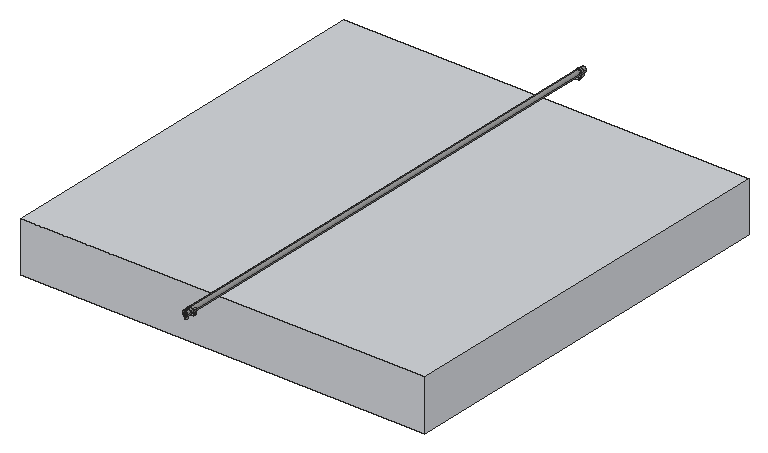
Revit family "L-line A 3.0", category Осветительные приборы, Revit 2017
Family settings
  Основа = Грань
  Размер круглого соединителя = Использовать диаметр
  Тип детали = Нормальный
  При загрузке вырезать с полостями = Нет
  Источник света = Да
  Общий = Нет
  Точка расчета площади = Нет
Parameters (values of type "L-line A 3.0 3.0K Д (матовый)")
  Расстояние от светильника до поверхности = 55.991 mm
  Описание = "Светодиодный светильник L-line A 3,0 предназначен для архитектурной подсветки зданий и сооружений различного назначения. Модули L-line A могут соединяться между собой в непрерывные линии длиной до 12 метров, что позволяет получить равномерную засветку по всей длине подключенных светильников. Соединение модулей осуществляется при помощи герметичных коннекторов."
  Lamp = ""
  Кривая сил света = "Д"
  Комментарии к типоразмеру = "Архитектурные"
  Wattage Comments = ""
  Wattage = 61.7738 W
  built-in parameter 1150110 = 1 (stored number, unit not read)
  built-in parameter 1114217 = 1 (stored number, unit not read)
  Tilt Angle = 90.00°
  built-in parameter 1150109 = 1 (stored number, unit not read)
  built-in parameter 1150134 = (empty or 0)
  built-in parameter 1150113 = 1 (stored number, unit not read)
  Файл фотометрической сетки = "L-line A 3.0-86-D-3.0K-03.ies"
  built-in parameter 1150142 = "IESNA:LM-63-1995\r\n[TEST]LEDEL\r\n[DATA]28.10.2017\r\n[MANUFAC]LEDEL\r\n[LUMCAT]L-line A 3.0/86/Д/3.0K/03\r\n[LUMINAIRE]Предназначен  для  архитектурной и декоративной  подсветки\r\n[LAMPCAT]LED\r\n[LAMP]OSRAM DURIS \r\nTILT=NONE\r\n\r\n\r\n1 9076  3.2803867365377  37 19 1 2 3.0 0.042 0.043\r\n\r\n1 1 86.4\r\n\r\n 0 2.5 5 7.5 10 12.5 15 17.5 20 22.5 25 27.5 30 32.5 35 37.5 40 42.5 45 47.5\r\n 50 52.5 55 57.5 60 62.5 65 67.5 70 72.5 75 77.5 80 82.5 85 87.5 90\r\n\r\n  0 10 20 30 40 50 60 70 80 90 100 110 120 130 140 150\r\n  160 170 180\r\n\r\n  819 818 817 812 806 800 789 778 765 751 734 717 699 679 658\r\n  637 616 591 568 544 521 496 469 446 421 396 372 347 324 300\r\n  277 257 234 216 195 177 160\r\n  819 819 817 812 810 803 795 787 775 765 754 740 726 711 696\r\n  679 663 643 626 607 586 567 548 529 511 491 469 446 422 400\r\n  378 355 337 317 299 281 263\r\n  808 806 806 803 797 792 784 776 765 755 742 729 714 700 683\r\n  667 649 630 611 591 570 551 528 509 487 468 447 425 403 384\r\n  362 343 321 303 283 264 248\r\n  800 800 797 795 789 784 774 764 755 743 729 715 700 681 665\r\n  647 629 609 586 566 547 526 507 484 466 444 422 402 381 360\r\n  338 319 299 280 263 244 229\r\n  811 811 809 804 799 793 783 773 762 748 734 719 702 685 666\r\n  644 625 602 582 560 536 515 492 466 445 421 400 378 354 333\r\n  312 292 271 251 232 215 198\r\n  819 818 817 812 806 800 789 778 765 751 734 717 699 679 658\r\n  637 616 591 568 544 521 496 469 446 421 396 372 347 324 300\r\n  277 257 234 216 195 177 160\r\n  820 819 818 812 806 800 789 778 764 748 732 714 693 674 652\r\n  629 606 578 556 528 502 477 450 422 395 368 340 313 288 263\r\n  238 214 192 172 151 135 118\r\n  822 821 820 815 809 800 789 777 762 747 729 710 690 667 645\r\n  621 595 567 540 514 485 459 429 402 371 344 313 283 255 226\r\n  200 175 151 128 108 91 76\r\n  825 821 820 815 809 800 788 775 761 745 727 706 685 663 639\r\n  614 588 561 533 504 471 438 410 378 348 317 288 255 224 193\r\n  163 133 107 84 64 46 35\r\n  820 821 818 814 806 797 786 774 759 743 723 705 685 659 636\r\n  610 584 557 527 500 469 441 412 381 351 319 287 253 217 185\r\n  152 120 90 63 39 22 14\r\n  825 822 819 812 805 796 785 771 754 737 720 700 679 655 630\r\n  606 578 552 525 496 469 438 410 379 347 316 285 252 222 189\r\n  159 129 103 80 60 42 31\r\n  822 821 817 811 806 796 786 773 756 739 722 701 682 659 635\r\n  611 586 559 533 504 477 448 419 390 360 330 300 271 241 216\r\n  188 162 138 118 99 83 66\r\n  820 819 815 810 803 795 784 771 756 740 723 707 688 665 642\r\n  619 597 572 545 518 493 466 438 411 383 355 329 301 274 250\r\n  225 203 181 161 141 126 109\r\n  819 818 814 810 803 795 786 773 759 746 731 714 694 674 655\r\n  633 611 587 563 540 515 488 463 437 412 386 362 338 313 289\r\n  267 247 225 206 187 169 152\r\n  811 811 806 802 795 788 779 770 756 743 729 713 696 677 658\r\n  638 617 595 573 550 528 504 480 458 433 411 387 364 343 320\r\n  299 279 258 240 222 203 186\r\n  800 800 800 795 787 780 773 765 756 741 723 708 693 677 658\r\n  641 619 599 579 558 536 515 493 472 452 429 408 386 367 345\r\n  324 306 288 267 249 231 215\r\n  808 807 805 803 797 789 783 774 764 753 739 727 712 697 680\r\n  660 642 623 604 584 562 541 521 499 477 455 435 413 393 373\r\n  353 332 313 292 274 257 240\r\n  819 819 817 812 810 803 795 786 774 763 753 739 726 708 693\r\n  675 658 641 620 601 583 562 540 519 499 477 454 435 413 390\r\n  370 349 329 311 294 274 256\r\n  819 818 814 810 803 795 786 773 759 746 731 714 694 674 655\r\n  633 611 587 563 540 515 488 463 437 412 386 362 338 313 289\r\n  267 247 225 206 187 169 152\r\n\r"
  built-in parameter 1150105 = 730.2 (stored number, unit not read)
  Lumens = 9176 lm
  built-in parameter 1150115 = 1 (stored number, unit not read)
  built-in parameter 1150137 = (empty or 0)
  built-in parameter 1150139 = (empty or 0)
  built-in parameter 1150112 = 1 (stored number, unit not read)
  built-in parameter 1150114 = 1 (stored number, unit not read)
  built-in parameter 1150132 = 2
  Классификация нагрузок = Освещение
  built-in parameter 1150102 = (empty or 0)
  built-in parameter 1150107 = 3000 (stored number, unit not read)
  built-in parameter 1150138 = (empty or 0)
  built-in parameter 1150106 = 7.302 (stored number, unit not read)
  Emit from Rectangle Width = 32 mm
  Emit from Rectangle Length = 3000 mm
  Изготовитель = "LEDEL"
  Длина профиля = Emit from Rectangle Length  # 3000 mm
  Emit Shape Visible in Rendering = no
  built-in parameter 1150104 = 13.8 (stored number, unit not read)
  Dimming Lamp Color Temperature Shift = (empty or 0)
  Default Elevation = 1219.2 mm
  Color Filter = 16777215
  built-in parameter 1114218 = 1 (stored number, unit not read)
  built-in parameter 1150133 = 10 (stored number, unit not read)
  Apparent Load = 86.4 VA  # constant formula
  Артикул = "715108600833100"
Reference planes
  plane 1 "Center (Front/Back)": y = 0
  plane 2: z = 0
  plane 3 "Center (Left/Right)": x = 0
Forms (mm)
  Extrusion 1, solid
    sketch origin (0, 0, 0) x (1, 0, 0) y (0, 1, 0)
      loop
        line (-1219.2, 1219.2) -> (-1219.2, -1219.2) -> (1219.2, -1219.2) -> (1219.2, 1219.2) -> (-1219.2, 1219.2)
    from 0 to -304.8
Dimensions and locks
  "Расстояние от светильника до поверхности": imposter light to Extrusion 1
  aligned and locked: plane 2 to Extrusion 1
  aligned and locked: level to Extrusion 1
Automatic sketch dimensions
  Extrusion 1 sketch curve to Extrusion 1 sketch curve = 2438.4 mm  (x2)
Nested families
  nested 1: "L-line A_body" at (0, 0, 0), type "L-line A_body"
    with Расстояние от светильника до плоскости 55.991 mm, Начало выдавливания -1500 mm, Конец выдавливания 1500 mm, Драйвер, начальная точка -1497.5 mm, Драйвер, конечная точка 1497.5 mm, Длина профиля 3000 mm
Connectors
  electrical at (0, 0, 0), driven by "Apparent Load"
    settings: on Extrusion 1, index 1, voltage 230 V, apparent load 0 VA, apparent load phase1 86.4 VA, apparent load phase2 0 VA, apparent load phase3 0 VA, power factor 1, load classification "Прочее", number of poles 1, system type 31, power factor state 1, is connector primary yes, connector utility no, sub classification motor no, connector description ""
Definition of nested family "L-line A_body"
  Parameters (values of type "L-line A_body")
    Расстояние от светильника до плоскости = 150 mm
    Default Elevation = 1219.2 mm
    Начало выдавливания = Длина профиля / 2 * (-1)  # -125 mm
    Конец выдавливания = Длина профиля / 2  # 125 mm
    Драйвер, начальная точка = Длина профиля / (-2) + 2.5 mm  # -122.5 mm
    Драйвер, конечная точка = Длина профиля / 2 - 2.5 mm  # 122.5 mm
    Длина профиля = 250 mm
  Reference planes
    plane 1 "По центру (Вперед/Назад)": y = 0
    plane 2: z = 0
    plane 3 "По центру (Влево/Вправо)": x = 0
    plane 4 "Плоскость расположения светильника": z = 150
  Forms (mm)
    Extrusion 1, solid
      sketch origin (0, 0, 0) x (1, 0, 0) y (0, 1, 0)
        loop
          line (-1219.2, 1219.2) -> (-1219.2, -1219.2) -> (1219.2, -1219.2) -> (1219.2, 1219.2) -> (-1219.2, 1219.2)
      from 0 to -304.8
    Extrusion 2, solid
      sketch origin (-0.012, 0, 76.46) x (0, 0, 1) y (1, 0, 0)
        loop
          line (57.295, 0) -> (57.295, 14.224) -> (55.737, 14.224) -> (55.737, -14.176) -> (57.295, -14.176) -> (57.295, 0)
      from -122.5 <- "Драйвер, начальная точка" to 122.5 <- "Драйвер, конечная точка"
    Extrusion 3, solid
      sketch origin (-0.012, 0.083, 76.46) x (-1, 0, 0) y (0, 0, -1)
        loop
          circle (0, -56.539) r 16
        loop
          circle (0, -56.539) r 15
      from -125 <- "Начало выдавливания" to 125 <- "Конец выдавливания"
    Extrusion 4, solid
      sketch origin (-0.012, -122.5, 76.46) x (0, 0, -1) y (1, 0, 0)
        loop
          circle (-56.516, 0.024) r 17.4
        loop
          circle (-56.527, 0) r 16
      from -33.5 to -17.9
    Extrusion 5, solid
      sketch origin (-0.012, 122.5, 76.46) x (0, 0, 1) y (1, 0, 0)
        loop
          circle (56.516, 0.024) r 17.4
        loop
          circle (56.527, 0) r 16
      from -33.5 to -17.9
    Extrusion 6, solid
      sketch origin (-14.187, 0, 132.196) x (0, -1, 0) y (-1, 0, 0)
        loop
          circle (-115.7, -14.176) r 6.8
        loop
          circle (115.7, -14.176) r 6.8
      from 30 to 13
    Extrusion 7, solid
      sketch origin (-0.012, 125.083, 76.46) x (1, 0, 0) y (0, 0, -1)
        loop
          line (-17.974, -30.697) -> (-17.974, -33.843)
          arc (-17.974, -33.843) -> (-18.273, -34.564) -> (-18.993, -34.863) r 1.019
          line (-18.993, -34.863) -> (-19.884, -34.863)
          arc (-19.884, -34.863) -> (-20.613, -35.165) -> (-20.916, -35.895) r 1.032
          line (-20.916, -35.895) -> (-20.916, -38.827)
          arc (-20.916, -38.827) -> (-20.612, -39.559) -> (-19.88, -39.863) r 1.036
          line (-19.88, -39.863) -> (-18.974, -39.863)
          arc (-18.974, -39.863) -> (-18.267, -40.156) -> (-17.974, -40.863) r 1
          line (-17.974, -40.863) -> (-17.974, -47.034)
          arc (-17.974, -47.034) -> (-18.248, -47.869) -> (-18.963, -48.381) r 1.413
          arc (-18.963, -48.381) -> (-19.382, -48.8) -> (-18.963, -49.22) r 0.419
          arc (-18.963, -49.22) -> (-18.248, -49.731) -> (-17.974, -50.567) r 1.413
          line (-17.974, -50.567) -> (-17.925, -55.697)
          arc (-17.925, -55.697) -> (-17.113, -59.518) -> (-15.495, -63.074) r 18
          arc (-15.495, -63.074) -> (-15.394, -63.827) -> (-15.866, -64.423) r 0.971
          arc (-15.866, -64.423) -> (-16.042, -64.842) -> (-15.778, -65.212) r 0.466
          line (-15.778, -65.212) -> (-14.225, -63.863)
          arc (-14.225, -63.863) -> (-13.66, -48.207) -> (0, -40.539) r 16
          arc (0, -40.539) -> (13.66, -48.207) -> (14.225, -63.863) r 16
          line (14.225, -63.863) -> (15.778, -65.212)
          arc (15.778, -65.212) -> (16.042, -64.842) -> (15.866, -64.423) r 0.466
          arc (15.866, -64.423) -> (15.394, -63.827) -> (15.495, -63.074) r 0.971
          arc (15.495, -63.074) -> (17.113, -59.518) -> (17.974, -55.697) r 18
          line (17.974, -55.697) -> (17.974, -50.567)
          arc (17.974, -50.567) -> (18.248, -49.731) -> (18.963, -49.22) r 1.413
          arc (18.963, -49.22) -> (19.382, -48.8) -> (18.963, -48.381) r 0.419
          arc (18.963, -48.381) -> (18.248, -47.869) -> (17.974, -47.034) r 1.413
          line (17.974, -47.034) -> (17.974, -40.863)
          arc (17.974, -40.863) -> (18.267, -40.156) -> (18.974, -39.863) r 1
          line (18.974, -39.863) -> (19.867, -39.863)
          arc (19.867, -39.863) -> (20.599, -39.559) -> (20.903, -38.827) r 1.036
          line (20.903, -38.827) -> (20.903, -35.895)
          arc (20.903, -35.895) -> (20.601, -35.165) -> (19.871, -34.863) r 1.032
          line (19.871, -34.863) -> (18.993, -34.863)
          arc (18.993, -34.863) -> (18.273, -34.564) -> (17.974, -33.843) r 1.019
          line (17.974, -33.843) -> (17.974, -30.697) -> (0, -30.697) -> (-17.974, -30.697)
      from -43.6 to -55.6
    Extrusion 8, solid
      sketch origin (-0.012, -124.917, 76.46) x (-1, 0, 0) y (0, 0, -1)
        loop
          line (17.974, -30.697) -> (0, -30.697) -> (-17.974, -30.697) -> (-17.974, -33.843)
          arc (-17.974, -33.843) -> (-18.273, -34.564) -> (-18.993, -34.863) r 1.019
          line (-18.993, -34.863) -> (-19.871, -34.863)
          arc (-19.871, -34.863) -> (-20.601, -35.165) -> (-20.903, -35.895) r 1.032
          line (-20.903, -35.895) -> (-20.903, -38.827)
          arc (-20.903, -38.827) -> (-20.599, -39.559) -> (-19.867, -39.863) r 1.036
          line (-19.867, -39.863) -> (-18.974, -39.863)
          arc (-18.974, -39.863) -> (-18.267, -40.156) -> (-17.974, -40.863) r 1
          line (-17.974, -40.863) -> (-17.974, -47.034)
          arc (-17.974, -47.034) -> (-18.248, -47.869) -> (-18.963, -48.381) r 1.413
          arc (-18.963, -48.381) -> (-19.382, -48.8) -> (-18.963, -49.22) r 0.419
          arc (-18.963, -49.22) -> (-18.248, -49.731) -> (-17.974, -50.567) r 1.413
          line (-17.974, -50.567) -> (-17.974, -55.697)
          arc (-17.974, -55.697) -> (-17.113, -59.518) -> (-15.495, -63.074) r 18
          arc (-15.495, -63.074) -> (-15.394, -63.827) -> (-15.866, -64.423) r 0.971
          arc (-15.866, -64.423) -> (-16.042, -64.842) -> (-15.778, -65.212) r 0.466
          line (-15.778, -65.212) -> (-14.225, -63.863)
          arc (-14.225, -63.863) -> (-13.66, -48.207) -> (0, -40.539) r 16
          arc (0, -40.539) -> (13.66, -48.207) -> (14.225, -63.863) r 16
          line (14.225, -63.863) -> (15.778, -65.212)
          arc (15.778, -65.212) -> (16.042, -64.842) -> (15.866, -64.423) r 0.466
          arc (15.866, -64.423) -> (15.394, -63.827) -> (15.495, -63.074) r 0.971
          arc (15.495, -63.074) -> (17.113, -59.518) -> (17.925, -55.697) r 18
          line (17.925, -55.697) -> (17.974, -50.567)
          arc (17.974, -50.567) -> (18.248, -49.731) -> (18.963, -49.22) r 1.413
          arc (18.963, -49.22) -> (19.382, -48.8) -> (18.963, -48.381) r 0.419
          arc (18.963, -48.381) -> (18.248, -47.869) -> (17.974, -47.034) r 1.413
          line (17.974, -47.034) -> (17.974, -40.863)
          arc (17.974, -40.863) -> (18.267, -40.156) -> (18.974, -39.863) r 1
          line (18.974, -39.863) -> (19.88, -39.863)
          arc (19.88, -39.863) -> (20.612, -39.559) -> (20.916, -38.827) r 1.036
          line (20.916, -38.827) -> (20.916, -35.895)
          arc (20.916, -35.895) -> (20.613, -35.165) -> (19.884, -34.863) r 1.032
          line (19.884, -34.863) -> (18.993, -34.863)
          arc (18.993, -34.863) -> (18.273, -34.564) -> (17.974, -33.843) r 1.019
          line (17.974, -33.843) -> (17.974, -30.697)
      from -43.6 to -55.6
  Cuts and joins
    joined: Extrusion 3, Extrusion 6
  Dimensions and locks
    "Расстояние от светильника до плоскости": plane 4 "Плоскость расположения светильника" to Extrusion 1
    aligned and locked: plane 2 to Extrusion 1
    aligned and locked: level to Extrusion 1
  Automatic sketch dimensions
    Extrusion 1 sketch curve to Extrusion 1 sketch curve = 2438.4 mm  (x2)
    Extrusion 3 sketch curve to plane 3 "По центру (Влево/Вправо)" = 0.012 mm
    Extrusion 3 sketch curve to plane 4 "Плоскость расположения светильника" = 17.002 mm
    Extrusion 3 sketch curve to Extrusion 3 sketch curve = 0 mm  (x2)
    Extrusion 2 sketch curve to plane 4 "Плоскость расположения светильника" = 17.804 mm
    Extrusion 2 sketch curve to Extrusion 2 sketch curve = 1.558 mm
    Extrusion 2 sketch curve to plane 3 "По центру (Влево/Вправо)" = 14.187 mm
    Extrusion 2 sketch curve to plane 3 "По центру (Влево/Вправо)" = 0.012 mm
    plane 3 "По центру (Влево/Вправо)" to Extrusion 2 sketch curve = 14.213 mm
    Extrusion 6 sketch curve to Extrusion 2 = 6.8 mm  (x2)
    Extrusion 2 to Extrusion 6 sketch curve = 14.176 mm  (x2)
    Extrusion 7 sketch curve to Extrusion 7 sketch curve = 0 mm  (x11)
    Extrusion 7 sketch curve to Extrusion 7 sketch curve = 0.016 mm
    Extrusion 7 sketch curve to Extrusion 7 sketch curve = 14.225 mm  (x2)
    Extrusion 7 sketch curve to Extrusion 7 sketch curve = 1.353 mm  (x2)
    Extrusion 7 sketch curve to Extrusion 7 sketch curve = 0.199 mm  (x2)
    Extrusion 7 sketch curve to Extrusion 7 sketch curve = 0.751 mm  (x2)
    Extrusion 7 sketch curve to Extrusion 7 sketch curve = 17.974 mm  (x2)
    Extrusion 7 sketch curve to Extrusion 7 sketch curve = 0.989 mm  (x2)
    Extrusion 7 sketch curve to Extrusion 7 sketch curve = 1 mm  (x2)
    Extrusion 7 sketch curve to Extrusion 7 sketch curve = 1.019 mm  (x2)
    Extrusion 7 sketch curve to Extrusion 7 sketch curve = 1.413 mm  (x2)
    Extrusion 7 sketch curve to Extrusion 7 sketch curve = 0.424 mm  (x2)
    Extrusion 7 sketch curve to Extrusion 7 sketch curve = 0.905 mm
    Extrusion 7 sketch curve to Extrusion 7 sketch curve = 0.89 mm
    Extrusion 7 sketch curve to Extrusion 7 sketch curve = 1.032 mm
    Extrusion 7 sketch curve to Extrusion 7 sketch curve = 0.033 mm
    Extrusion 7 sketch curve to Extrusion 7 sketch curve = 0.893 mm
    Extrusion 7 sketch curve to Extrusion 7 sketch curve = 0.878 mm
    Extrusion 7 sketch curve to Extrusion 7 sketch curve = 1.036 mm
    Extrusion 7 sketch curve to Extrusion 7 sketch curve = 0.928 mm  (x2)
    Extrusion 7 sketch curve to Extrusion 7 sketch curve = 0.422 mm  (x2)
    Extrusion 7 sketch curve to Extrusion 7 sketch curve = 1.22 mm  (x2)
    Extrusion 7 sketch curve to Extrusion 7 sketch curve = 2.652 mm
    Extrusion 7 sketch curve to Extrusion 7 sketch curve = 13.003 mm  (x2)
    Extrusion 7 sketch curve to Extrusion 7 sketch curve = 0.419 mm  (x2)
    Extrusion 7 sketch curve to Extrusion 7 sketch curve = 6.171 mm  (x2)
    Extrusion 7 sketch curve to Extrusion 7 sketch curve = 2.932 mm  (x2)
    Extrusion 7 sketch curve to Extrusion 7 sketch curve = 3.147 mm
    Extrusion 7 sketch curve to Extrusion 7 sketch curve = 0.835 mm  (x2)
    Extrusion 7 sketch curve to Extrusion 7 sketch curve = 0.049 mm  (x2)
    Extrusion 8 sketch curve to Extrusion 8 sketch curve = 0 mm  (x11)
    Extrusion 8 sketch curve to Extrusion 8 sketch curve = 0.016 mm
    Extrusion 8 sketch curve to Extrusion 8 sketch curve = 14.225 mm  (x2)
    Extrusion 8 sketch curve to Extrusion 8 sketch curve = 1.353 mm  (x2)
    Extrusion 8 sketch curve to Extrusion 8 sketch curve = 0.199 mm  (x2)
    Extrusion 8 sketch curve to Extrusion 8 sketch curve = 0.751 mm  (x2)
    Extrusion 8 sketch curve to Extrusion 8 sketch curve = 17.974 mm  (x2)
    Extrusion 8 sketch curve to Extrusion 8 sketch curve = 0.989 mm  (x2)
    Extrusion 8 sketch curve to Extrusion 8 sketch curve = 1 mm  (x2)
    Extrusion 8 sketch curve to Extrusion 8 sketch curve = 1.019 mm  (x2)
    Extrusion 8 sketch curve to Extrusion 8 sketch curve = 0.424 mm  (x2)
    Extrusion 8 sketch curve to Extrusion 8 sketch curve = 0.893 mm
    Extrusion 8 sketch curve to Extrusion 8 sketch curve = 0.878 mm
    Extrusion 8 sketch curve to Extrusion 8 sketch curve = 1.032 mm  (x2)
    Extrusion 8 sketch curve to Extrusion 8 sketch curve = 0.033 mm
    Extrusion 8 sketch curve to Extrusion 8 sketch curve = 1.413 mm  (x2)
    Extrusion 8 sketch curve to Extrusion 8 sketch curve = 0.905 mm
    Extrusion 8 sketch curve to Extrusion 8 sketch curve = 0.89 mm
    Extrusion 8 sketch curve to Extrusion 8 sketch curve = 0.928 mm  (x2)
    Extrusion 8 sketch curve to Extrusion 8 sketch curve = 0.422 mm  (x2)
    Extrusion 8 sketch curve to Extrusion 8 sketch curve = 1.22 mm  (x2)
    Extrusion 8 sketch curve to Extrusion 8 sketch curve = 2.652 mm
    Extrusion 8 sketch curve to Extrusion 8 sketch curve = 13.003 mm  (x2)
    Extrusion 8 sketch curve to Extrusion 8 sketch curve = 0.419 mm  (x2)
    Extrusion 8 sketch curve to Extrusion 8 sketch curve = 6.171 mm  (x2)
    Extrusion 8 sketch curve to Extrusion 8 sketch curve = 2.932 mm  (x2)
    Extrusion 8 sketch curve to Extrusion 8 sketch curve = 3.147 mm
    Extrusion 8 sketch curve to Extrusion 8 sketch curve = 0.835 mm  (x2)
    Extrusion 8 sketch curve to Extrusion 8 sketch curve = 0.049 mm  (x2)
    Extrusion 2 to Extrusion 4 sketch curve = 0.779 mm
    Extrusion 4 sketch curve to Extrusion 4 sketch curve = 0.011 mm
    Extrusion 2 to Extrusion 4 sketch curve = 14.176 mm
    Extrusion 4 sketch curve to Extrusion 4 sketch curve = 0.024 mm
    Extrusion 5 sketch curve to Extrusion 2 = 0.779 mm
    Extrusion 5 sketch curve to Extrusion 5 sketch curve = 0.011 mm
    Extrusion 5 sketch curve to Extrusion 2 = 14.176 mm
    Extrusion 5 sketch curve to Extrusion 5 sketch curve = 0.024 mm
    radius of Extrusion 3 sketch curve = 16 mm
    radius of Extrusion 3 sketch curve = 15 mm
    radius of Extrusion 6 sketch curve = 6.8 mm  (x2)
    radius of Extrusion 7 sketch curve to Extrusion 3 = 0 mm
    radius of Extrusion 8 sketch curve to Extrusion 3 = 0 mm
    radius of Extrusion 4 sketch curve = 17.4 mm
    radius of Extrusion 4 sketch curve = 16 mm
    radius of Extrusion 5 sketch curve = 17.4 mm
    radius of Extrusion 5 sketch curve = 16 mm
Types (6, lengths in mm): name | Wattage | built-in parameter 1150134 | Файл фотометрической сетки | built-in parameter 1150142 | built-in parameter 1150105 | Lumens | built-in parameter 1150107 | built-in parameter 1150106 | Артикул
  L-line A 3.0 3.0К Д (прозрачный) | 68.6338 W | (empty or 0) | "L-line A 3.0-86-D-3.0K-01.ies" | "IESNA:LM-63-1995\r\n[TEST]LEDEL\r\n[DATA]28.10.2017\r\n[MANUFAC]LEDEL\r\n[LUMCAT]L-line A 3.0/86/Д/3.0K/01 \r\n[LUMINAIRE]Предназначен  для  архитектурной и декоративной  подсветки\r\n[LAMPCAT]LED\r\n[LAMP]OSRAM DURIS \r\nTILT=NONE\r\n\r\n1 10195 3.6778499278499 37 19 1 2  3  0.042  0.043\r\n\r\n1 1 86.4\r\n\r\n 0 2.5 5 7.5 10 12.5 15 17.5 20 22.5 25 27.5 30 32.5 35 37.5 40 42.5 45 47.5 50 52.5 55 57.5 60 62.5 65 67.5 70 72.5 75 77.5 80 82.5\r\n 85 87.5 90\r\n\r\n  0 10 20 30 40 50 60 70 80 90 100 110 120 130 140 150 160 170 180\r\n\r\n   1044 1046 1045 1048 1020 972 953 982 989 981 961 952 945 925 893\r\n  843 814 794 790 789 760 696 633 589 576 550 509 435 385 349\r\n  310 259 205 156 98 63 43\r\n  1042 1000 951 944 975 1003 992 973 942 903 876 851 833 815 789\r\n  740 705 667 626 622 575 523 477 425 404 356 294 255 208 156\r\n  110 78 54 35 25 20 15\r\n  1049 1022 970 945 958 992 1003 985 964 929 893 867 841 822 803\r\n  772 725 690 650 614 604 580 518 463 406 381 335 274 236 186\r\n  132 91 62 43 28 21 15\r\n  1049 1039 996 951 941 962 992 993 973 951 914 872 844 815 795\r\n  773 743 692 658 618 570 556 527 466 419 367 340 290 234 197\r\n  148 102 69 47 31 22 18\r\n  1049 1043 1011 964 940 943 966 987 977 951 926 885 844 810 774\r\n  747 718 692 650 610 573 528 510 488 419 367 316 295 242 191\r\n  154 106 67 46 30 21 18\r\n  1049 1042 1012 971 938 926 934 949 961 957 934 903 865 815 770\r\n  740 712 687 666 646 602 553 511 466 438 418 351 285 239 199\r\n  150 112 70 43 30 21 17\r\n  1048 1047 1035 1010 975 942 917 904 906 912 917 898 861 828 806\r\n  776 732 687 651 623 592 552 516 459 411 351 312 281 212 164\r\n  131 94 65 37 26 19 15\r\n  1047 1044 1041 1030 1011 989 953 923 892 866 833 811 803 805 810\r\n  802 772 739 700 658 599 542 495 446 397 355 306 250 200 171\r\n  137 94 67 43 25 18 13\r\n  1048 1044 1040 1034 1025 1016 1001 983 960 926 879 835 799 774 745\r\n  708 674 646 615 592 569 545 518 488 435 370 302 235 187 143\r\n  120 91 58 37 21 14 13\r\n  1047 1043 1040 1033 1024 1016 1002 989 974 945 907 879 860 850 836\r\n  806 770 737 702 669 622 577 527 477 425 372 318 259 206 161\r\n  132 79 44 27 14 11 9\r\n  1048 1044 1042 1034 1025 1016 1001 984 961 927 881 836 800 774 745\r\n  709 675 647 617 592 569 546 519 489 436 372 304 236 190 144\r\n  121 92 56 38 22 14 12\r\n  1047 1045 1041 1030 1011 989 954 923 892 866 836 811 803 805 810\r\n  802 773 739 702 659 602 543 495 447 398 355 307 251 200 172\r\n  139 95 68 43 25 18 14\r\n  1048 1047 1036 1010 977 943 918 904 904 911 915 899 862 829 806\r\n  778 734 688 652 624 592 553 517 460 412 353 311 283 214 165\r\n  131 95 67 37 26 19 17\r\n  1049 1042 1014 972 938 926 934 948 961 957 934 903 867 816 772\r\n  741 712 688 666 647 604 554 513 467 437 419 354 287 240 200\r\n  151 113 71 43 30 21 17\r\n  1049 1044 1013 965 940 942 966 986 977 951 927 886 843 811 775\r\n  747 718 693 653 611 573 529 511 490 420 369 317 295 244 192\r\n  157 108 69 46 30 21 18\r\n  1049 1040 998 952 942 961 992 994 973 952 914 873 845 816 797\r\n  774 743 693 659 620 570 556 529 467 421 369 340 292 236 199\r\n  151 103 71 47 31 22 18\r\n  1049 1023 973 945 958 991 1004 985 965 930 893 868 841 823 803\r\n  773 726 691 652 615 606 581 519 465 407 382 335 275 239 187\r\n  134 92 63 43 28 21 17\r\n  1042 1002 952 944 974 1003 992 973 942 903 877 852 833 815 789\r\n  741 707 668 629 622 577 524 478 425 404 358 294 256 209 158\r\n  110 78 54 36 25 20 15\r\n  1044 1045 1045 1048 1020 974 953 982 989 981 961 953 945 926 893\r\n  843 814 795 790 789 760 696 633 587 576 549 509 433 385 350\r\n  310 258 205 156 98 62 43\r\n\r\n" | 811.29 (stored number, unit not read) | 10195 lm | 3000 (stored number, unit not read) | 8.1129 (stored number, unit not read) | "800053"
  L-line A 3.0 4.0К Д (прозрачный) | 68.6338 W | 12 | "L-line A 3.0-86-D-4.0K-01.ies" | "IESNA:LM-63-1995\r\n[TEST]LEDEL\r\n[DATA]28.10.2017\r\n[MANUFAC]LEDEL\r\n[LUMCAT]L-line A 3.0/86/Д/4.0K/01 \r\n[LUMINAIRE]Предназначен  для  архитектурной и декоративной  подсветки\r\n[LAMPCAT]LED\r\n[LAMP]OSRAM DURIS \r\nTILT=NONE\r\n\r\n1 10195 3.6778499278499 37 19 1 2  3  0.042  0.043\r\n\r\n1 1 86.4\r\n\r\n 0 2.5 5 7.5 10 12.5 15 17.5 20 22.5 25 27.5 30 32.5 35 37.5 40 42.5 45 47.5 50 52.5 55 57.5 60 62.5 65 67.5 70 72.5 75 77.5 80 82.5\r\n 85 87.5 90\r\n\r\n  0 10 20 30 40 50 60 70 80 90 100 110 120 130 140 150 160 170 180\r\n\r\n   1044 1046 1045 1048 1020 972 953 982 989 981 961 952 945 925 893\r\n  843 814 794 790 789 760 696 633 589 576 550 509 435 385 349\r\n  310 259 205 156 98 63 43\r\n  1042 1000 951 944 975 1003 992 973 942 903 876 851 833 815 789\r\n  740 705 667 626 622 575 523 477 425 404 356 294 255 208 156\r\n  110 78 54 35 25 20 15\r\n  1049 1022 970 945 958 992 1003 985 964 929 893 867 841 822 803\r\n  772 725 690 650 614 604 580 518 463 406 381 335 274 236 186\r\n  132 91 62 43 28 21 15\r\n  1049 1039 996 951 941 962 992 993 973 951 914 872 844 815 795\r\n  773 743 692 658 618 570 556 527 466 419 367 340 290 234 197\r\n  148 102 69 47 31 22 18\r\n  1049 1043 1011 964 940 943 966 987 977 951 926 885 844 810 774\r\n  747 718 692 650 610 573 528 510 488 419 367 316 295 242 191\r\n  154 106 67 46 30 21 18\r\n  1049 1042 1012 971 938 926 934 949 961 957 934 903 865 815 770\r\n  740 712 687 666 646 602 553 511 466 438 418 351 285 239 199\r\n  150 112 70 43 30 21 17\r\n  1048 1047 1035 1010 975 942 917 904 906 912 917 898 861 828 806\r\n  776 732 687 651 623 592 552 516 459 411 351 312 281 212 164\r\n  131 94 65 37 26 19 15\r\n  1047 1044 1041 1030 1011 989 953 923 892 866 833 811 803 805 810\r\n  802 772 739 700 658 599 542 495 446 397 355 306 250 200 171\r\n  137 94 67 43 25 18 13\r\n  1048 1044 1040 1034 1025 1016 1001 983 960 926 879 835 799 774 745\r\n  708 674 646 615 592 569 545 518 488 435 370 302 235 187 143\r\n  120 91 58 37 21 14 13\r\n  1047 1043 1040 1033 1024 1016 1002 989 974 945 907 879 860 850 836\r\n  806 770 737 702 669 622 577 527 477 425 372 318 259 206 161\r\n  132 79 44 27 14 11 9\r\n  1048 1044 1042 1034 1025 1016 1001 984 961 927 881 836 800 774 745\r\n  709 675 647 617 592 569 546 519 489 436 372 304 236 190 144\r\n  121 92 56 38 22 14 12\r\n  1047 1045 1041 1030 1011 989 954 923 892 866 836 811 803 805 810\r\n  802 773 739 702 659 602 543 495 447 398 355 307 251 200 172\r\n  139 95 68 43 25 18 14\r\n  1048 1047 1036 1010 977 943 918 904 904 911 915 899 862 829 806\r\n  778 734 688 652 624 592 553 517 460 412 353 311 283 214 165\r\n  131 95 67 37 26 19 17\r\n  1049 1042 1014 972 938 926 934 948 961 957 934 903 867 816 772\r\n  741 712 688 666 647 604 554 513 467 437 419 354 287 240 200\r\n  151 113 71 43 30 21 17\r\n  1049 1044 1013 965 940 942 966 986 977 951 927 886 843 811 775\r\n  747 718 693 653 611 573 529 511 490 420 369 317 295 244 192\r\n  157 108 69 46 30 21 18\r\n  1049 1040 998 952 942 961 992 994 973 952 914 873 845 816 797\r\n  774 743 693 659 620 570 556 529 467 421 369 340 292 236 199\r\n  151 103 71 47 31 22 18\r\n  1049 1023 973 945 958 991 1004 985 965 930 893 868 841 823 803\r\n  773 726 691 652 615 606 581 519 465 407 382 335 275 239 187\r\n  134 92 63 43 28 21 17\r\n  1042 1002 952 944 974 1003 992 973 942 903 877 852 833 815 789\r\n  741 707 668 629 622 577 524 478 425 404 358 294 256 209 158\r\n  110 78 54 36 25 20 15\r\n  1044 1045 1045 1048 1020 974 953 982 989 981 961 953 945 926 893\r\n  843 814 795 790 789 760 696 633 587 576 549 509 433 385 350\r\n  310 258 205 156 98 62 43\r\n\r\n" | 811.29 (stored number, unit not read) | 10195 lm | 4000 (stored number, unit not read) | 8.1129 (stored number, unit not read) | "800052"
  L-line A 3.0 5.0К Д (прозрачный) | 68.6338 W | 2 | "L-line A 3.0-86-D-5.0K-01.ies" | "IESNA:LM-63-1995\r\n[TEST]LEDEL\r\n[DATA]28.10.2017\r\n[MANUFAC]LEDEL\r\n[LUMCAT]L-line A 3.0/86/Д/5.0K/01 \r\n[LUMINAIRE]Предназначен  для  архитектурной и декоративной  подсветки\r\n[LAMPCAT]LED\r\n[LAMP]OSRAM DURIS \r\nTILT=NONE\r\n\r\n1 10195 3.6778499278499 37 19 1 2  3  0.042  0.043\r\n\r\n1 1 86.4\r\n\r\n 0 2.5 5 7.5 10 12.5 15 17.5 20 22.5 25 27.5 30 32.5 35 37.5 40 42.5 45 47.5 50 52.5 55 57.5 60 62.5 65 67.5 70 72.5 75 77.5 80 82.5\r\n 85 87.5 90\r\n\r\n  0 10 20 30 40 50 60 70 80 90 100 110 120 130 140 150 160 170 180\r\n\r\n   1044 1046 1045 1048 1020 972 953 982 989 981 961 952 945 925 893\r\n  843 814 794 790 789 760 696 633 589 576 550 509 435 385 349\r\n  310 259 205 156 98 63 43\r\n  1042 1000 951 944 975 1003 992 973 942 903 876 851 833 815 789\r\n  740 705 667 626 622 575 523 477 425 404 356 294 255 208 156\r\n  110 78 54 35 25 20 15\r\n  1049 1022 970 945 958 992 1003 985 964 929 893 867 841 822 803\r\n  772 725 690 650 614 604 580 518 463 406 381 335 274 236 186\r\n  132 91 62 43 28 21 15\r\n  1049 1039 996 951 941 962 992 993 973 951 914 872 844 815 795\r\n  773 743 692 658 618 570 556 527 466 419 367 340 290 234 197\r\n  148 102 69 47 31 22 18\r\n  1049 1043 1011 964 940 943 966 987 977 951 926 885 844 810 774\r\n  747 718 692 650 610 573 528 510 488 419 367 316 295 242 191\r\n  154 106 67 46 30 21 18\r\n  1049 1042 1012 971 938 926 934 949 961 957 934 903 865 815 770\r\n  740 712 687 666 646 602 553 511 466 438 418 351 285 239 199\r\n  150 112 70 43 30 21 17\r\n  1048 1047 1035 1010 975 942 917 904 906 912 917 898 861 828 806\r\n  776 732 687 651 623 592 552 516 459 411 351 312 281 212 164\r\n  131 94 65 37 26 19 15\r\n  1047 1044 1041 1030 1011 989 953 923 892 866 833 811 803 805 810\r\n  802 772 739 700 658 599 542 495 446 397 355 306 250 200 171\r\n  137 94 67 43 25 18 13\r\n  1048 1044 1040 1034 1025 1016 1001 983 960 926 879 835 799 774 745\r\n  708 674 646 615 592 569 545 518 488 435 370 302 235 187 143\r\n  120 91 58 37 21 14 13\r\n  1047 1043 1040 1033 1024 1016 1002 989 974 945 907 879 860 850 836\r\n  806 770 737 702 669 622 577 527 477 425 372 318 259 206 161\r\n  132 79 44 27 14 11 9\r\n  1048 1044 1042 1034 1025 1016 1001 984 961 927 881 836 800 774 745\r\n  709 675 647 617 592 569 546 519 489 436 372 304 236 190 144\r\n  121 92 56 38 22 14 12\r\n  1047 1045 1041 1030 1011 989 954 923 892 866 836 811 803 805 810\r\n  802 773 739 702 659 602 543 495 447 398 355 307 251 200 172\r\n  139 95 68 43 25 18 14\r\n  1048 1047 1036 1010 977 943 918 904 904 911 915 899 862 829 806\r\n  778 734 688 652 624 592 553 517 460 412 353 311 283 214 165\r\n  131 95 67 37 26 19 17\r\n  1049 1042 1014 972 938 926 934 948 961 957 934 903 867 816 772\r\n  741 712 688 666 647 604 554 513 467 437 419 354 287 240 200\r\n  151 113 71 43 30 21 17\r\n  1049 1044 1013 965 940 942 966 986 977 951 927 886 843 811 775\r\n  747 718 693 653 611 573 529 511 490 420 369 317 295 244 192\r\n  157 108 69 46 30 21 18\r\n  1049 1040 998 952 942 961 992 994 973 952 914 873 845 816 797\r\n  774 743 693 659 620 570 556 529 467 421 369 340 292 236 199\r\n  151 103 71 47 31 22 18\r\n  1049 1023 973 945 958 991 1004 985 965 930 893 868 841 823 803\r\n  773 726 691 652 615 606 581 519 465 407 382 335 275 239 187\r\n  134 92 63 43 28 21 17\r\n  1042 1002 952 944 974 1003 992 973 942 903 877 852 833 815 789\r\n  741 707 668 629 622 577 524 478 425 404 358 294 256 209 158\r\n  110 78 54 36 25 20 15\r\n  1044 1045 1045 1048 1020 974 953 982 989 981 961 953 945 926 893\r\n  843 814 795 790 789 760 696 633 587 576 549 509 433 385 350\r\n  310 258 205 156 98 62 43\r\n\r\n" | 811.29 (stored number, unit not read) | 10195 lm | 5000 (stored number, unit not read) | 8.1129 (stored number, unit not read) | "800051"
